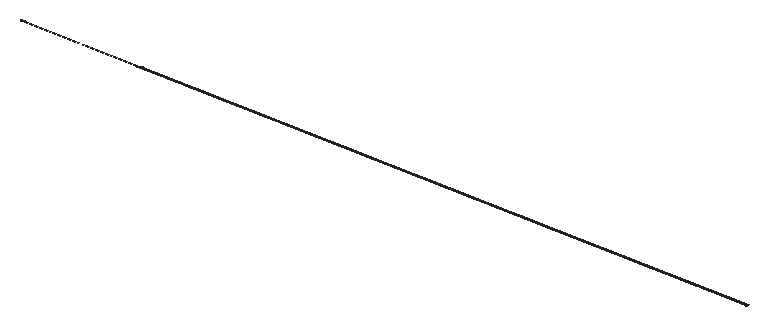
Revit family "0068176", category Lighting Fixtures, host Face, Revit 2017
Family settings
  Host = Face
  Round Connector Dimension = Use Diameter
  Part Type = Normal
  OmniClass Number = 23.80.70.00
  OmniClass Title = Lighting
  Cut with Voids When Loaded = No
  Light Source = Yes
  Shared = No
  Room Calculation Point = No
Parameters (values of type "0068176 FLEX PRO IP20 4750LM 930")
  Weight = "4.0 kg"
  Wattage Comments = ""
  Wattage = 48 W
  WarrantyStartDate [instance] = "n/a"
  WarrantyGuarantorParts = "n/a"
  WarrantyDurationUnit = "n/a"
  WarrantyDurationParts = "n/a"
  WarrantyDescription = "n/a"
  built-in parameter 1150110 = 1 (stored number, unit not read)
  Voltage = 0 V
  URL = "http://www.sylvania-lighting.com"
  TypeName = "Flex Pro IP20 4750lm 930"
  Type Image = <None>
  Type Comments = "n/a"
  built-in parameter 1114217 = 1 (stored number, unit not read)
  Tilt Angle = -90.00°
  built-in parameter 1150109 = 1 (stored number, unit not read)
  built-in parameter 1150134 = (empty or 0)
  built-in parameter 1150113 = 1 (stored number, unit not read)
  SerialNumber [instance] = "n/a"
  Photometric Web File = "0068176.ies"
  PHOTOMETRY3_SYL = 0 mm
  PHOTOMETRY2_SYL = LUM_WIDTH_SYL  # 5 mm
  PHOTOMETRY1_SYL = LUM_LENGHT_SYL / 2  # 2500 mm
  Material_3_SYL = none
  PowerFactor = 0
  PowerConsumption = "48 W"
  NominalLength = 5000 mm
  NominalHeight = 1.2 mm
  NominalDepth = 10 mm
  Name = "Flex Pro IP20 4750lm 930"
  ModelReference = Name  # "Flex Pro IP20 4750lm 930"
  ModelNumber = "0068176"
  Model = Name  # "Flex Pro IP20 4750lm 930"
  Material = "n/a"
  ManufacturerName = "Feilo Sylvania"
  Manufacturer = "Feilo Sylvania"
  LuminousEfficacy = "99 lm/W"
  built-in parameter 1150105 = 378.15 (stored number, unit not read)
  Lumens = 4752 lm
  LuminaireType = ""
  built-in parameter 1150115 = 1 (stored number, unit not read)
  LightOutputRatio = "n/a"
  built-in parameter 1150137 = (empty or 0)
  built-in parameter 1150139 = (empty or 0)
  LampsType = Lamp  # "LED"
  LampNominalLuminous = "4750 lm"
  LampMacAdamStep = "n/a"
  LampColourTemperature = "3000 K"
  LampColourRenderingIndex = "90"
  built-in parameter 1150112 = 1 (stored number, unit not read)
  built-in parameter 1150114 = 1 (stored number, unit not read)
  Lamp = "LED"
  LUM_WIDTH_SYL = 5 mm
  LUM_LENGHT_SYL!!!! = "MUST BE DIVISIBLE WITH 50"
  LUM_LENGHT_SYL = 5000 mm  # constant formula
  LED_CH_S_WIDTH_SYL = 1.5 mm
  LED_CH_S_DEPTH2_SYL = 1 mm
  LED_CH_S_DEPTH1_SYL = 1.1 mm
  LED_CH_L_WIDTH_SYL = 1.7 mm
  LED_CH_L_DIST_SYL = 8.3 mm
  LED_CH_L_DIST1_SYL = 6 mm
  LED_CH_L_DEPTH_SYL = 1.4 mm
  Keynote = "16500"
  InstallationDate [instance] = "n/a"
  InputVoltage = "n/a"
  InputNominalFrequency = "n/a"
  built-in parameter 1150132 = (empty or 0)
  built-in parameter 1150102 = (empty or 0)
  built-in parameter 1150107 = 3000 (stored number, unit not read)
  built-in parameter 1150138 = (empty or 0)
  IngressProtection = "IP20"
  ImpactProtectionIndex = "IK00"
  built-in parameter 1150106 = 3.7815 (stored number, unit not read)
  IfcExportType = "IfcLightFixtureType"
  IfcExportAs = "IfcLightFixtureType"
  Emit from Circle Diameter = 609.6 mm
  Emit Shape Visible in Rendering = no
  ElectricShockClassification = "Class III"
  built-in parameter 1150104 = 9.1974 (stored number, unit not read)
  DocumentationLiterature = "http://www.sylvania-lighting.com/product/en-int/products/0068176"
  DimmingControlOptions = "n/a"
  Material_2_SYL = Default New Material
  Dimming Lamp Color Temperature Shift = <None>
  Description = ""
  Default Elevation = 1219.2 mm
  CreatedOn = "10/16/2020"
  CreatedBy = "@sylvania-lighting.com"
  Cost = 0
  Color Filter = 16777215
  built-in parameter 1114216 [instance] = (empty or 0)
  ClassificationValue = "EF_70_80"
  ClassificationName = "Uniclass2015"
  Material_1_SYL = Default
  CABLE_LENGHT_SYL = 1000 mm
  CABLE_FIX_SYL = 1 mm
  CABLE_END_SYL = 15 mm
  CABLE_DIST_SYL = 1.5 mm
  CABLE_DIST2_SYL = 1.5 mm
  CABLE_BLEND_SYL = 20 mm
  BarCode [instance] = "n/a"
  built-in parameter 1114218 = 1 (stored number, unit not read)
  built-in parameter 1150133 = 10 (stored number, unit not read)
  AssetType = "Fixed"
  AssetIdentifier [instance] = "n/a"
  Assembly Code = "D5020200"
  Apparent Load = 48 VA
  Material_4_SYL = none
Reference planes
  plane 1 "Center (Front/Back)": y = 0
  plane 2: z = 0
  plane 3 "Center (Left/Right)": x = 0
  plane 4: x = 5000
  plane 5: y = 5
  plane 6: y = -5
  plane 7: x = 1
  plane 8: x = -1000
  plane 9: x = -20
  plane 10: x = -985
  plane 11: y = 1.5
  plane 12: y = -1.5
  plane 13: y = 3.5
  plane 14: y = -3.5
  plane 15: y = 1.7
  plane 16: y = -1.7
  plane 17: y = 1.5
  plane 18: y = -1.5
  plane 19: x = 6
  plane 20: x = 14.3
  plane 21: x = 22.6
  plane 22: x = 30.9
  plane 23: x = 39.2
  plane 24: x = 47.5
  plane 25: x = 7.4
  plane 26: x = 4.6
  plane 27: x = 15.7
  plane 28: x = 12.9
  plane 29: x = 24
  plane 30: x = 21.2
  plane 31: x = 32.3
  plane 32: x = 29.5
  plane 33: x = 37.8
  plane 34: x = 40.6
  plane 35: x = 46.1
  plane 36: x = 48.9
  plane 37: x = 10.1
  plane 38: x = 18.4
  plane 39: x = 26.7
  plane 40: x = 35
  plane 41: x = 43.3
  plane 42: x = 9.1
  plane 43: x = 11.2
  plane 44: x = 17.4
  plane 45: x = 19.5
  plane 46: x = 44.4
  plane 47: x = 42.3
  plane 48: x = 36.1
  plane 49: x = 34
Forms (mm)
  Extrusion 1, solid, material "Default" <- "Material_1_SYL"
    sketch origin (0, 0, 0) x (1, 0, 0) y (0, 1, 0)
      loop
        line (0, 5) -> (0, -5) -> (5000, -5) -> (5000, 5) -> (0, 5)
    from -0.9 to -1.2
  Sweep 2, solid, material "Default New Material" <- "Material_2_SYL"
    path origin (0, 0, 0) x (1, 0, 0) y (0, 1, 0)
      loop
        line (1, 3.5) -> (0, 3.5) -> (-20, 1.5) -> (-985, 1.5)
    profile origin (-10, 2.5, 0) x (0.099504, -0.995037, 0) y (0, 0, 1)
      loop
        circle (0, 0) r 1.399
  Sweep 3, solid, material "Default New Material" <- "Material_2_SYL"
    path origin (0, 0, 0) x (1, 0, 0) y (0, 1, 0)
      loop
        line (1, -3.5) -> (0, -3.5) -> (-20, -1.5) -> (-985, -1.5)
    profile origin (-10, -2.5, 0) x (-0.099504, -0.995037, 0) y (0, 0, 1)
      loop
        circle (0, 0) r 1.353
  Revolve 4, solid
    sketch origin (0, 0, 0) x (1, 0, 0) y (0, 1, 0)
      loop
        line (-985, 1.5) -> (-985, 2.444) -> (-1000, 2.444) -> (-1000, 1.5) -> (-985, 1.5)
      axis (-985, 1.5) -> (-1000, 1.5)
    angle from 360 to 0
  Revolve 5, solid
    sketch origin (0, 0, 0) x (1, 0, 0) y (0, 1, 0)
      loop
        line (-985, -1.5) -> (-1000, -1.5) -> (-1000, -2.423) -> (-985, -2.423) -> (-985, -1.5)
      axis (-985, -1.5) -> (-1000, -1.5)
    angle from 360 to 0
  Extrusion 6, solid
    sketch origin (0, 0, 0) x (1, 0, 0) y (0, 1, 0)
      loop
        line (7.4, -1.7) -> (7.4, 1.7) -> (4.6, 1.7) -> (4.6, -1.7) -> (7.4, -1.7)
      loop
        line (15.7, -1.7) -> (15.7, 1.7) -> (12.9, 1.7) -> (12.9, -1.7) -> (15.7, -1.7)
      loop
        line (21.2, 1.7) -> (21.2, -1.7) -> (24, -1.7) -> (24, 1.7) -> (21.2, 1.7)
      loop
        line (32.3, -1.7) -> (32.3, 1.7) -> (29.5, 1.7) -> (29.5, -1.7) -> (32.3, -1.7)
      loop
        line (40.6, -1.7) -> (40.6, 1.7) -> (37.8, 1.7) -> (37.8, -1.7) -> (40.6, -1.7)
      loop
        line (48.9, -1.7) -> (48.9, 1.7) -> (46.1, 1.7) -> (46.1, -1.7) -> (48.9, -1.7)
    from -1.2 to 0
  Extrusion 7, solid
    sketch origin (0, 0, 0) x (1, 0, 0) y (0, 1, 0)
      loop
        line (9.1, 1.5) -> (9.1, -1.5) -> (11.2, -1.5) -> (11.2, 1.5) -> (9.1, 1.5)
      loop
        line (17.4, 1.5) -> (17.4, -1.5) -> (19.5, -1.5) -> (19.5, 1.5) -> (17.4, 1.5)
      loop
        line (34, 1.5) -> (34, -1.5) -> (36.1, -1.5) -> (36.1, 1.5) -> (34, 1.5)
      loop
        line (42.3, 1.5) -> (42.3, -1.5) -> (44.4, -1.5) -> (44.4, 1.5) -> (42.3, 1.5)
    from -1.2 to -0.5
  Extrusion 8, solid
    sketch origin (4946.4, 0, 0) x (1, 0, 0) y (0, 1, 0)
      loop
        line (7.4, -1.7) -> (7.4, 1.7) -> (4.6, 1.7) -> (4.6, -1.7) -> (7.4, -1.7)
      loop
        line (15.7, -1.7) -> (15.7, 1.7) -> (12.9, 1.7) -> (12.9, -1.7) -> (15.7, -1.7)
      loop
        line (21.2, 1.7) -> (21.2, -1.7) -> (24, -1.7) -> (24, 1.7) -> (21.2, 1.7)
      loop
        line (32.3, -1.7) -> (32.3, 1.7) -> (29.5, 1.7) -> (29.5, -1.7) -> (32.3, -1.7)
      loop
        line (40.6, -1.7) -> (40.6, 1.7) -> (37.8, 1.7) -> (37.8, -1.7) -> (40.6, -1.7)
      loop
        line (48.9, -1.7) -> (48.9, 1.7) -> (46.1, 1.7) -> (46.1, -1.7) -> (48.9, -1.7)
    from -1.2 to 0
  Extrusion 9, solid
    sketch origin (49.964, 0, 0) x (1, 0, 0) y (0, 1, 0)
      loop
        line (7.4, -1.7) -> (7.4, 1.7) -> (4.6, 1.7) -> (4.6, -1.7) -> (7.4, -1.7)
      loop
        line (15.7, -1.7) -> (15.7, 1.7) -> (12.9, 1.7) -> (12.9, -1.7) -> (15.7, -1.7)
      loop
        line (21.2, 1.7) -> (21.2, -1.7) -> (24, -1.7) -> (24, 1.7) -> (21.2, 1.7)
      loop
        line (32.3, -1.7) -> (32.3, 1.7) -> (29.5, 1.7) -> (29.5, -1.7) -> (32.3, -1.7)
      loop
        line (40.6, -1.7) -> (40.6, 1.7) -> (37.8, 1.7) -> (37.8, -1.7) -> (40.6, -1.7)
      loop
        line (48.9, -1.7) -> (48.9, 1.7) -> (46.1, 1.7) -> (46.1, -1.7) -> (48.9, -1.7)
    from -1.2 to 0
  Extrusion 10, solid
    sketch origin (99.927, 0, 0) x (1, 0, 0) y (0, 1, 0)
      loop
        line (7.4, -1.7) -> (7.4, 1.7) -> (4.6, 1.7) -> (4.6, -1.7) -> (7.4, -1.7)
      loop
        line (15.7, -1.7) -> (15.7, 1.7) -> (12.9, 1.7) -> (12.9, -1.7) -> (15.7, -1.7)
      loop
        line (21.2, 1.7) -> (21.2, -1.7) -> (24, -1.7) -> (24, 1.7) -> (21.2, 1.7)
      loop
        line (32.3, -1.7) -> (32.3, 1.7) -> (29.5, 1.7) -> (29.5, -1.7) -> (32.3, -1.7)
      loop
        line (40.6, -1.7) -> (40.6, 1.7) -> (37.8, 1.7) -> (37.8, -1.7) -> (40.6, -1.7)
      loop
        line (48.9, -1.7) -> (48.9, 1.7) -> (46.1, 1.7) -> (46.1, -1.7) -> (48.9, -1.7)
    from -1.2 to 0
  Extrusion 11, solid
    sketch origin (149.891, 0, 0) x (1, 0, 0) y (0, 1, 0)
      loop
        line (7.4, -1.7) -> (7.4, 1.7) -> (4.6, 1.7) -> (4.6, -1.7) -> (7.4, -1.7)
      loop
        line (15.7, -1.7) -> (15.7, 1.7) -> (12.9, 1.7) -> (12.9, -1.7) -> (15.7, -1.7)
      loop
        line (21.2, 1.7) -> (21.2, -1.7) -> (24, -1.7) -> (24, 1.7) -> (21.2, 1.7)
      loop
        line (32.3, -1.7) -> (32.3, 1.7) -> (29.5, 1.7) -> (29.5, -1.7) -> (32.3, -1.7)
      loop
        line (40.6, -1.7) -> (40.6, 1.7) -> (37.8, 1.7) -> (37.8, -1.7) -> (40.6, -1.7)
      loop
        line (48.9, -1.7) -> (48.9, 1.7) -> (46.1, 1.7) -> (46.1, -1.7) -> (48.9, -1.7)
    from -1.2 to 0
  Extrusion 12, solid
    sketch origin (199.855, 0, 0) x (1, 0, 0) y (0, 1, 0)
      loop
        line (7.4, -1.7) -> (7.4, 1.7) -> (4.6, 1.7) -> (4.6, -1.7) -> (7.4, -1.7)
      loop
        line (15.7, -1.7) -> (15.7, 1.7) -> (12.9, 1.7) -> (12.9, -1.7) -> (15.7, -1.7)
      loop
        line (21.2, 1.7) -> (21.2, -1.7) -> (24, -1.7) -> (24, 1.7) -> (21.2, 1.7)
      loop
        line (32.3, -1.7) -> (32.3, 1.7) -> (29.5, 1.7) -> (29.5, -1.7) -> (32.3, -1.7)
      loop
        line (40.6, -1.7) -> (40.6, 1.7) -> (37.8, 1.7) -> (37.8, -1.7) -> (40.6, -1.7)
      loop
        line (48.9, -1.7) -> (48.9, 1.7) -> (46.1, 1.7) -> (46.1, -1.7) -> (48.9, -1.7)
    from -1.2 to 0
  Extrusion 13, solid
    sketch origin (249.818, 0, 0) x (1, 0, 0) y (0, 1, 0)
      loop
        line (7.4, -1.7) -> (7.4, 1.7) -> (4.6, 1.7) -> (4.6, -1.7) -> (7.4, -1.7)
      loop
        line (15.7, -1.7) -> (15.7, 1.7) -> (12.9, 1.7) -> (12.9, -1.7) -> (15.7, -1.7)
      loop
        line (21.2, 1.7) -> (21.2, -1.7) -> (24, -1.7) -> (24, 1.7) -> (21.2, 1.7)
      loop
        line (32.3, -1.7) -> (32.3, 1.7) -> (29.5, 1.7) -> (29.5, -1.7) -> (32.3, -1.7)
      loop
        line (40.6, -1.7) -> (40.6, 1.7) -> (37.8, 1.7) -> (37.8, -1.7) -> (40.6, -1.7)
      loop
        line (48.9, -1.7) -> (48.9, 1.7) -> (46.1, 1.7) -> (46.1, -1.7) -> (48.9, -1.7)
    from -1.2 to 0
  Extrusion 14, solid
    sketch origin (299.782, 0, 0) x (1, 0, 0) y (0, 1, 0)
      loop
        line (7.4, -1.7) -> (7.4, 1.7) -> (4.6, 1.7) -> (4.6, -1.7) -> (7.4, -1.7)
      loop
        line (15.7, -1.7) -> (15.7, 1.7) -> (12.9, 1.7) -> (12.9, -1.7) -> (15.7, -1.7)
      loop
        line (21.2, 1.7) -> (21.2, -1.7) -> (24, -1.7) -> (24, 1.7) -> (21.2, 1.7)
      loop
        line (32.3, -1.7) -> (32.3, 1.7) -> (29.5, 1.7) -> (29.5, -1.7) -> (32.3, -1.7)
      loop
        line (40.6, -1.7) -> (40.6, 1.7) -> (37.8, 1.7) -> (37.8, -1.7) -> (40.6, -1.7)
      loop
        line (48.9, -1.7) -> (48.9, 1.7) -> (46.1, 1.7) -> (46.1, -1.7) -> (48.9, -1.7)
    from -1.2 to 0
  Extrusion 15, solid
    sketch origin (349.745, 0, 0) x (1, 0, 0) y (0, 1, 0)
      loop
        line (7.4, -1.7) -> (7.4, 1.7) -> (4.6, 1.7) -> (4.6, -1.7) -> (7.4, -1.7)
      loop
        line (15.7, -1.7) -> (15.7, 1.7) -> (12.9, 1.7) -> (12.9, -1.7) -> (15.7, -1.7)
      loop
        line (21.2, 1.7) -> (21.2, -1.7) -> (24, -1.7) -> (24, 1.7) -> (21.2, 1.7)
      loop
        line (32.3, -1.7) -> (32.3, 1.7) -> (29.5, 1.7) -> (29.5, -1.7) -> (32.3, -1.7)
      loop
        line (40.6, -1.7) -> (40.6, 1.7) -> (37.8, 1.7) -> (37.8, -1.7) -> (40.6, -1.7)
      loop
        line (48.9, -1.7) -> (48.9, 1.7) -> (46.1, 1.7) -> (46.1, -1.7) -> (48.9, -1.7)
    from -1.2 to 0
  Extrusion 16, solid
    sketch origin (399.709, 0, 0) x (1, 0, 0) y (0, 1, 0)
      loop
        line (7.4, -1.7) -> (7.4, 1.7) -> (4.6, 1.7) -> (4.6, -1.7) -> (7.4, -1.7)
      loop
        line (15.7, -1.7) -> (15.7, 1.7) -> (12.9, 1.7) -> (12.9, -1.7) -> (15.7, -1.7)
      loop
        line (21.2, 1.7) -> (21.2, -1.7) -> (24, -1.7) -> (24, 1.7) -> (21.2, 1.7)
      loop
        line (32.3, -1.7) -> (32.3, 1.7) -> (29.5, 1.7) -> (29.5, -1.7) -> (32.3, -1.7)
      loop
        line (40.6, -1.7) -> (40.6, 1.7) -> (37.8, 1.7) -> (37.8, -1.7) -> (40.6, -1.7)
      loop
        line (48.9, -1.7) -> (48.9, 1.7) -> (46.1, 1.7) -> (46.1, -1.7) -> (48.9, -1.7)
    from -1.2 to 0
  Extrusion 17, solid
    sketch origin (449.673, 0, 0) x (1, 0, 0) y (0, 1, 0)
      loop
        line (7.4, -1.7) -> (7.4, 1.7) -> (4.6, 1.7) -> (4.6, -1.7) -> (7.4, -1.7)
      loop
        line (15.7, -1.7) -> (15.7, 1.7) -> (12.9, 1.7) -> (12.9, -1.7) -> (15.7, -1.7)
      loop
        line (21.2, 1.7) -> (21.2, -1.7) -> (24, -1.7) -> (24, 1.7) -> (21.2, 1.7)
      loop
        line (32.3, -1.7) -> (32.3, 1.7) -> (29.5, 1.7) -> (29.5, -1.7) -> (32.3, -1.7)
      loop
        line (40.6, -1.7) -> (40.6, 1.7) -> (37.8, 1.7) -> (37.8, -1.7) -> (40.6, -1.7)
      loop
        line (48.9, -1.7) -> (48.9, 1.7) -> (46.1, 1.7) -> (46.1, -1.7) -> (48.9, -1.7)
    from -1.2 to 0
  Extrusion 18, solid
    sketch origin (499.636, 0, 0) x (1, 0, 0) y (0, 1, 0)
      loop
        line (7.4, -1.7) -> (7.4, 1.7) -> (4.6, 1.7) -> (4.6, -1.7) -> (7.4, -1.7)
      loop
        line (15.7, -1.7) -> (15.7, 1.7) -> (12.9, 1.7) -> (12.9, -1.7) -> (15.7, -1.7)
      loop
        line (21.2, 1.7) -> (21.2, -1.7) -> (24, -1.7) -> (24, 1.7) -> (21.2, 1.7)
      loop
        line (32.3, -1.7) -> (32.3, 1.7) -> (29.5, 1.7) -> (29.5, -1.7) -> (32.3, -1.7)
      loop
        line (40.6, -1.7) -> (40.6, 1.7) -> (37.8, 1.7) -> (37.8, -1.7) -> (40.6, -1.7)
      loop
        line (48.9, -1.7) -> (48.9, 1.7) -> (46.1, 1.7) -> (46.1, -1.7) -> (48.9, -1.7)
    from -1.2 to 0
  Extrusion 19, solid
    sketch origin (549.6, 0, 0) x (1, 0, 0) y (0, 1, 0)
      loop
        line (7.4, -1.7) -> (7.4, 1.7) -> (4.6, 1.7) -> (4.6, -1.7) -> (7.4, -1.7)
      loop
        line (15.7, -1.7) -> (15.7, 1.7) -> (12.9, 1.7) -> (12.9, -1.7) -> (15.7, -1.7)
      loop
        line (21.2, 1.7) -> (21.2, -1.7) -> (24, -1.7) -> (24, 1.7) -> (21.2, 1.7)
      loop
        line (32.3, -1.7) -> (32.3, 1.7) -> (29.5, 1.7) -> (29.5, -1.7) -> (32.3, -1.7)
      loop
        line (40.6, -1.7) -> (40.6, 1.7) -> (37.8, 1.7) -> (37.8, -1.7) -> (40.6, -1.7)
      loop
        line (48.9, -1.7) -> (48.9, 1.7) -> (46.1, 1.7) -> (46.1, -1.7) -> (48.9, -1.7)
    from -1.2 to 0
  Extrusion 20, solid
    sketch origin (599.564, 0, 0) x (1, 0, 0) y (0, 1, 0)
      loop
        line (7.4, -1.7) -> (7.4, 1.7) -> (4.6, 1.7) -> (4.6, -1.7) -> (7.4, -1.7)
      loop
        line (15.7, -1.7) -> (15.7, 1.7) -> (12.9, 1.7) -> (12.9, -1.7) -> (15.7, -1.7)
      loop
        line (21.2, 1.7) -> (21.2, -1.7) -> (24, -1.7) -> (24, 1.7) -> (21.2, 1.7)
      loop
        line (32.3, -1.7) -> (32.3, 1.7) -> (29.5, 1.7) -> (29.5, -1.7) -> (32.3, -1.7)
      loop
        line (40.6, -1.7) -> (40.6, 1.7) -> (37.8, 1.7) -> (37.8, -1.7) -> (40.6, -1.7)
      loop
        line (48.9, -1.7) -> (48.9, 1.7) -> (46.1, 1.7) -> (46.1, -1.7) -> (48.9, -1.7)
    from -1.2 to 0
  Extrusion 21, solid
    sketch origin (649.527, 0, 0) x (1, 0, 0) y (0, 1, 0)
      loop
        line (7.4, -1.7) -> (7.4, 1.7) -> (4.6, 1.7) -> (4.6, -1.7) -> (7.4, -1.7)
      loop
        line (15.7, -1.7) -> (15.7, 1.7) -> (12.9, 1.7) -> (12.9, -1.7) -> (15.7, -1.7)
      loop
        line (21.2, 1.7) -> (21.2, -1.7) -> (24, -1.7) -> (24, 1.7) -> (21.2, 1.7)
      loop
        line (32.3, -1.7) -> (32.3, 1.7) -> (29.5, 1.7) -> (29.5, -1.7) -> (32.3, -1.7)
      loop
        line (40.6, -1.7) -> (40.6, 1.7) -> (37.8, 1.7) -> (37.8, -1.7) -> (40.6, -1.7)
      loop
        line (48.9, -1.7) -> (48.9, 1.7) -> (46.1, 1.7) -> (46.1, -1.7) -> (48.9, -1.7)
    from -1.2 to 0
  Extrusion 22, solid
    sketch origin (699.491, 0, 0) x (1, 0, 0) y (0, 1, 0)
      loop
        line (7.4, -1.7) -> (7.4, 1.7) -> (4.6, 1.7) -> (4.6, -1.7) -> (7.4, -1.7)
      loop
        line (15.7, -1.7) -> (15.7, 1.7) -> (12.9, 1.7) -> (12.9, -1.7) -> (15.7, -1.7)
      loop
        line (21.2, 1.7) -> (21.2, -1.7) -> (24, -1.7) -> (24, 1.7) -> (21.2, 1.7)
      loop
        line (32.3, -1.7) -> (32.3, 1.7) -> (29.5, 1.7) -> (29.5, -1.7) -> (32.3, -1.7)
      loop
        line (40.6, -1.7) -> (40.6, 1.7) -> (37.8, 1.7) -> (37.8, -1.7) -> (40.6, -1.7)
      loop
        line (48.9, -1.7) -> (48.9, 1.7) -> (46.1, 1.7) -> (46.1, -1.7) -> (48.9, -1.7)
    from -1.2 to 0
  Extrusion 23, solid
    sketch origin (749.455, 0, 0) x (1, 0, 0) y (0, 1, 0)
      loop
        line (7.4, -1.7) -> (7.4, 1.7) -> (4.6, 1.7) -> (4.6, -1.7) -> (7.4, -1.7)
      loop
        line (15.7, -1.7) -> (15.7, 1.7) -> (12.9, 1.7) -> (12.9, -1.7) -> (15.7, -1.7)
      loop
        line (21.2, 1.7) -> (21.2, -1.7) -> (24, -1.7) -> (24, 1.7) -> (21.2, 1.7)
      loop
        line (32.3, -1.7) -> (32.3, 1.7) -> (29.5, 1.7) -> (29.5, -1.7) -> (32.3, -1.7)
      loop
        line (40.6, -1.7) -> (40.6, 1.7) -> (37.8, 1.7) -> (37.8, -1.7) -> (40.6, -1.7)
      loop
        line (48.9, -1.7) -> (48.9, 1.7) -> (46.1, 1.7) -> (46.1, -1.7) -> (48.9, -1.7)
    from -1.2 to 0
  Extrusion 24, solid
    sketch origin (799.418, 0, 0) x (1, 0, 0) y (0, 1, 0)
      loop
        line (7.4, -1.7) -> (7.4, 1.7) -> (4.6, 1.7) -> (4.6, -1.7) -> (7.4, -1.7)
      loop
        line (15.7, -1.7) -> (15.7, 1.7) -> (12.9, 1.7) -> (12.9, -1.7) -> (15.7, -1.7)
      loop
        line (21.2, 1.7) -> (21.2, -1.7) -> (24, -1.7) -> (24, 1.7) -> (21.2, 1.7)
      loop
        line (32.3, -1.7) -> (32.3, 1.7) -> (29.5, 1.7) -> (29.5, -1.7) -> (32.3, -1.7)
      loop
        line (40.6, -1.7) -> (40.6, 1.7) -> (37.8, 1.7) -> (37.8, -1.7) -> (40.6, -1.7)
      loop
        line (48.9, -1.7) -> (48.9, 1.7) -> (46.1, 1.7) -> (46.1, -1.7) -> (48.9, -1.7)
    from -1.2 to 0
  Extrusion 25, solid
    sketch origin (849.382, 0, 0) x (1, 0, 0) y (0, 1, 0)
      loop
        line (7.4, -1.7) -> (7.4, 1.7) -> (4.6, 1.7) -> (4.6, -1.7) -> (7.4, -1.7)
      loop
        line (15.7, -1.7) -> (15.7, 1.7) -> (12.9, 1.7) -> (12.9, -1.7) -> (15.7, -1.7)
      loop
        line (21.2, 1.7) -> (21.2, -1.7) -> (24, -1.7) -> (24, 1.7) -> (21.2, 1.7)
      loop
        line (32.3, -1.7) -> (32.3, 1.7) -> (29.5, 1.7) -> (29.5, -1.7) -> (32.3, -1.7)
      loop
        line (40.6, -1.7) -> (40.6, 1.7) -> (37.8, 1.7) -> (37.8, -1.7) -> (40.6, -1.7)
      loop
        line (48.9, -1.7) -> (48.9, 1.7) -> (46.1, 1.7) -> (46.1, -1.7) -> (48.9, -1.7)
    from -1.2 to 0
  Extrusion 26, solid
    sketch origin (899.345, 0, 0) x (1, 0, 0) y (0, 1, 0)
      loop
        line (7.4, -1.7) -> (7.4, 1.7) -> (4.6, 1.7) -> (4.6, -1.7) -> (7.4, -1.7)
      loop
        line (15.7, -1.7) -> (15.7, 1.7) -> (12.9, 1.7) -> (12.9, -1.7) -> (15.7, -1.7)
      loop
        line (21.2, 1.7) -> (21.2, -1.7) -> (24, -1.7) -> (24, 1.7) -> (21.2, 1.7)
      loop
        line (32.3, -1.7) -> (32.3, 1.7) -> (29.5, 1.7) -> (29.5, -1.7) -> (32.3, -1.7)
      loop
        line (40.6, -1.7) -> (40.6, 1.7) -> (37.8, 1.7) -> (37.8, -1.7) -> (40.6, -1.7)
      loop
        line (48.9, -1.7) -> (48.9, 1.7) -> (46.1, 1.7) -> (46.1, -1.7) -> (48.9, -1.7)
    from -1.2 to 0
  Extrusion 27, solid
    sketch origin (949.309, 0, 0) x (1, 0, 0) y (0, 1, 0)
      loop
        line (7.4, -1.7) -> (7.4, 1.7) -> (4.6, 1.7) -> (4.6, -1.7) -> (7.4, -1.7)
      loop
        line (15.7, -1.7) -> (15.7, 1.7) -> (12.9, 1.7) -> (12.9, -1.7) -> (15.7, -1.7)
      loop
        line (21.2, 1.7) -> (21.2, -1.7) -> (24, -1.7) -> (24, 1.7) -> (21.2, 1.7)
      loop
        line (32.3, -1.7) -> (32.3, 1.7) -> (29.5, 1.7) -> (29.5, -1.7) -> (32.3, -1.7)
      loop
        line (40.6, -1.7) -> (40.6, 1.7) -> (37.8, 1.7) -> (37.8, -1.7) -> (40.6, -1.7)
      loop
        line (48.9, -1.7) -> (48.9, 1.7) -> (46.1, 1.7) -> (46.1, -1.7) -> (48.9, -1.7)
    from -1.2 to 0
  Extrusion 28, solid
    sketch origin (999.273, 0, 0) x (1, 0, 0) y (0, 1, 0)
      loop
        line (7.4, -1.7) -> (7.4, 1.7) -> (4.6, 1.7) -> (4.6, -1.7) -> (7.4, -1.7)
      loop
        line (15.7, -1.7) -> (15.7, 1.7) -> (12.9, 1.7) -> (12.9, -1.7) -> (15.7, -1.7)
      loop
        line (21.2, 1.7) -> (21.2, -1.7) -> (24, -1.7) -> (24, 1.7) -> (21.2, 1.7)
      loop
        line (32.3, -1.7) -> (32.3, 1.7) -> (29.5, 1.7) -> (29.5, -1.7) -> (32.3, -1.7)
      loop
        line (40.6, -1.7) -> (40.6, 1.7) -> (37.8, 1.7) -> (37.8, -1.7) -> (40.6, -1.7)
      loop
        line (48.9, -1.7) -> (48.9, 1.7) -> (46.1, 1.7) -> (46.1, -1.7) -> (48.9, -1.7)
    from -1.2 to 0
  Extrusion 29, solid
    sketch origin (1049.236, 0, 0) x (1, 0, 0) y (0, 1, 0)
      loop
        line (7.4, -1.7) -> (7.4, 1.7) -> (4.6, 1.7) -> (4.6, -1.7) -> (7.4, -1.7)
      loop
        line (15.7, -1.7) -> (15.7, 1.7) -> (12.9, 1.7) -> (12.9, -1.7) -> (15.7, -1.7)
      loop
        line (21.2, 1.7) -> (21.2, -1.7) -> (24, -1.7) -> (24, 1.7) -> (21.2, 1.7)
      loop
        line (32.3, -1.7) -> (32.3, 1.7) -> (29.5, 1.7) -> (29.5, -1.7) -> (32.3, -1.7)
      loop
        line (40.6, -1.7) -> (40.6, 1.7) -> (37.8, 1.7) -> (37.8, -1.7) -> (40.6, -1.7)
      loop
        line (48.9, -1.7) -> (48.9, 1.7) -> (46.1, 1.7) -> (46.1, -1.7) -> (48.9, -1.7)
    from -1.2 to 0
  Extrusion 30, solid
    sketch origin (1099.2, 0, 0) x (1, 0, 0) y (0, 1, 0)
      loop
        line (7.4, -1.7) -> (7.4, 1.7) -> (4.6, 1.7) -> (4.6, -1.7) -> (7.4, -1.7)
      loop
        line (15.7, -1.7) -> (15.7, 1.7) -> (12.9, 1.7) -> (12.9, -1.7) -> (15.7, -1.7)
      loop
        line (21.2, 1.7) -> (21.2, -1.7) -> (24, -1.7) -> (24, 1.7) -> (21.2, 1.7)
      loop
        line (32.3, -1.7) -> (32.3, 1.7) -> (29.5, 1.7) -> (29.5, -1.7) -> (32.3, -1.7)
      loop
        line (40.6, -1.7) -> (40.6, 1.7) -> (37.8, 1.7) -> (37.8, -1.7) -> (40.6, -1.7)
      loop
        line (48.9, -1.7) -> (48.9, 1.7) -> (46.1, 1.7) -> (46.1, -1.7) -> (48.9, -1.7)
    from -1.2 to 0
  Extrusion 31, solid
    sketch origin (1149.164, 0, 0) x (1, 0, 0) y (0, 1, 0)
      loop
        line (7.4, -1.7) -> (7.4, 1.7) -> (4.6, 1.7) -> (4.6, -1.7) -> (7.4, -1.7)
      loop
        line (15.7, -1.7) -> (15.7, 1.7) -> (12.9, 1.7) -> (12.9, -1.7) -> (15.7, -1.7)
      loop
        line (21.2, 1.7) -> (21.2, -1.7) -> (24, -1.7) -> (24, 1.7) -> (21.2, 1.7)
      loop
        line (32.3, -1.7) -> (32.3, 1.7) -> (29.5, 1.7) -> (29.5, -1.7) -> (32.3, -1.7)
      loop
        line (40.6, -1.7) -> (40.6, 1.7) -> (37.8, 1.7) -> (37.8, -1.7) -> (40.6, -1.7)
      loop
        line (48.9, -1.7) -> (48.9, 1.7) -> (46.1, 1.7) -> (46.1, -1.7) -> (48.9, -1.7)
    from -1.2 to 0
  Extrusion 32, solid
    sketch origin (1199.127, 0, 0) x (1, 0, 0) y (0, 1, 0)
      loop
        line (7.4, -1.7) -> (7.4, 1.7) -> (4.6, 1.7) -> (4.6, -1.7) -> (7.4, -1.7)
      loop
        line (15.7, -1.7) -> (15.7, 1.7) -> (12.9, 1.7) -> (12.9, -1.7) -> (15.7, -1.7)
      loop
        line (21.2, 1.7) -> (21.2, -1.7) -> (24, -1.7) -> (24, 1.7) -> (21.2, 1.7)
      loop
        line (32.3, -1.7) -> (32.3, 1.7) -> (29.5, 1.7) -> (29.5, -1.7) -> (32.3, -1.7)
      loop
        line (40.6, -1.7) -> (40.6, 1.7) -> (37.8, 1.7) -> (37.8, -1.7) -> (40.6, -1.7)
      loop
        line (48.9, -1.7) -> (48.9, 1.7) -> (46.1, 1.7) -> (46.1, -1.7) -> (48.9, -1.7)
    from -1.2 to 0
  Extrusion 33, solid
    sketch origin (1249.091, 0, 0) x (1, 0, 0) y (0, 1, 0)
      loop
        line (7.4, -1.7) -> (7.4, 1.7) -> (4.6, 1.7) -> (4.6, -1.7) -> (7.4, -1.7)
      loop
        line (15.7, -1.7) -> (15.7, 1.7) -> (12.9, 1.7) -> (12.9, -1.7) -> (15.7, -1.7)
      loop
        line (21.2, 1.7) -> (21.2, -1.7) -> (24, -1.7) -> (24, 1.7) -> (21.2, 1.7)
      loop
        line (32.3, -1.7) -> (32.3, 1.7) -> (29.5, 1.7) -> (29.5, -1.7) -> (32.3, -1.7)
      loop
        line (40.6, -1.7) -> (40.6, 1.7) -> (37.8, 1.7) -> (37.8, -1.7) -> (40.6, -1.7)
      loop
        line (48.9, -1.7) -> (48.9, 1.7) -> (46.1, 1.7) -> (46.1, -1.7) -> (48.9, -1.7)
    from -1.2 to 0
  Extrusion 34, solid
    sketch origin (1299.055, 0, 0) x (1, 0, 0) y (0, 1, 0)
      loop
        line (7.4, -1.7) -> (7.4, 1.7) -> (4.6, 1.7) -> (4.6, -1.7) -> (7.4, -1.7)
      loop
        line (15.7, -1.7) -> (15.7, 1.7) -> (12.9, 1.7) -> (12.9, -1.7) -> (15.7, -1.7)
      loop
        line (21.2, 1.7) -> (21.2, -1.7) -> (24, -1.7) -> (24, 1.7) -> (21.2, 1.7)
      loop
        line (32.3, -1.7) -> (32.3, 1.7) -> (29.5, 1.7) -> (29.5, -1.7) -> (32.3, -1.7)
      loop
        line (40.6, -1.7) -> (40.6, 1.7) -> (37.8, 1.7) -> (37.8, -1.7) -> (40.6, -1.7)
      loop
        line (48.9, -1.7) -> (48.9, 1.7) -> (46.1, 1.7) -> (46.1, -1.7) -> (48.9, -1.7)
    from -1.2 to 0
  Extrusion 35, solid
    sketch origin (1349.018, 0, 0) x (1, 0, 0) y (0, 1, 0)
      loop
        line (7.4, -1.7) -> (7.4, 1.7) -> (4.6, 1.7) -> (4.6, -1.7) -> (7.4, -1.7)
      loop
        line (15.7, -1.7) -> (15.7, 1.7) -> (12.9, 1.7) -> (12.9, -1.7) -> (15.7, -1.7)
      loop
        line (21.2, 1.7) -> (21.2, -1.7) -> (24, -1.7) -> (24, 1.7) -> (21.2, 1.7)
      loop
        line (32.3, -1.7) -> (32.3, 1.7) -> (29.5, 1.7) -> (29.5, -1.7) -> (32.3, -1.7)
      loop
        line (40.6, -1.7) -> (40.6, 1.7) -> (37.8, 1.7) -> (37.8, -1.7) -> (40.6, -1.7)
      loop
        line (48.9, -1.7) -> (48.9, 1.7) -> (46.1, 1.7) -> (46.1, -1.7) -> (48.9, -1.7)
    from -1.2 to 0
  Extrusion 36, solid
    sketch origin (1398.982, 0, 0) x (1, 0, 0) y (0, 1, 0)
      loop
        line (7.4, -1.7) -> (7.4, 1.7) -> (4.6, 1.7) -> (4.6, -1.7) -> (7.4, -1.7)
      loop
        line (15.7, -1.7) -> (15.7, 1.7) -> (12.9, 1.7) -> (12.9, -1.7) -> (15.7, -1.7)
      loop
        line (21.2, 1.7) -> (21.2, -1.7) -> (24, -1.7) -> (24, 1.7) -> (21.2, 1.7)
      loop
        line (32.3, -1.7) -> (32.3, 1.7) -> (29.5, 1.7) -> (29.5, -1.7) -> (32.3, -1.7)
      loop
        line (40.6, -1.7) -> (40.6, 1.7) -> (37.8, 1.7) -> (37.8, -1.7) -> (40.6, -1.7)
      loop
        line (48.9, -1.7) -> (48.9, 1.7) -> (46.1, 1.7) -> (46.1, -1.7) -> (48.9, -1.7)
    from -1.2 to 0
  Extrusion 37, solid
    sketch origin (1448.945, 0, 0) x (1, 0, 0) y (0, 1, 0)
      loop
        line (7.4, -1.7) -> (7.4, 1.7) -> (4.6, 1.7) -> (4.6, -1.7) -> (7.4, -1.7)
      loop
        line (15.7, -1.7) -> (15.7, 1.7) -> (12.9, 1.7) -> (12.9, -1.7) -> (15.7, -1.7)
      loop
        line (21.2, 1.7) -> (21.2, -1.7) -> (24, -1.7) -> (24, 1.7) -> (21.2, 1.7)
      loop
        line (32.3, -1.7) -> (32.3, 1.7) -> (29.5, 1.7) -> (29.5, -1.7) -> (32.3, -1.7)
      loop
        line (40.6, -1.7) -> (40.6, 1.7) -> (37.8, 1.7) -> (37.8, -1.7) -> (40.6, -1.7)
      loop
        line (48.9, -1.7) -> (48.9, 1.7) -> (46.1, 1.7) -> (46.1, -1.7) -> (48.9, -1.7)
    from -1.2 to 0
  Extrusion 38, solid
    sketch origin (1498.909, 0, 0) x (1, 0, 0) y (0, 1, 0)
      loop
        line (7.4, -1.7) -> (7.4, 1.7) -> (4.6, 1.7) -> (4.6, -1.7) -> (7.4, -1.7)
      loop
        line (15.7, -1.7) -> (15.7, 1.7) -> (12.9, 1.7) -> (12.9, -1.7) -> (15.7, -1.7)
      loop
        line (21.2, 1.7) -> (21.2, -1.7) -> (24, -1.7) -> (24, 1.7) -> (21.2, 1.7)
      loop
        line (32.3, -1.7) -> (32.3, 1.7) -> (29.5, 1.7) -> (29.5, -1.7) -> (32.3, -1.7)
      loop
        line (40.6, -1.7) -> (40.6, 1.7) -> (37.8, 1.7) -> (37.8, -1.7) -> (40.6, -1.7)
      loop
        line (48.9, -1.7) -> (48.9, 1.7) -> (46.1, 1.7) -> (46.1, -1.7) -> (48.9, -1.7)
    from -1.2 to 0
  Extrusion 39, solid
    sketch origin (1548.873, 0, 0) x (1, 0, 0) y (0, 1, 0)
      loop
        line (7.4, -1.7) -> (7.4, 1.7) -> (4.6, 1.7) -> (4.6, -1.7) -> (7.4, -1.7)
      loop
        line (15.7, -1.7) -> (15.7, 1.7) -> (12.9, 1.7) -> (12.9, -1.7) -> (15.7, -1.7)
      loop
        line (21.2, 1.7) -> (21.2, -1.7) -> (24, -1.7) -> (24, 1.7) -> (21.2, 1.7)
      loop
        line (32.3, -1.7) -> (32.3, 1.7) -> (29.5, 1.7) -> (29.5, -1.7) -> (32.3, -1.7)
      loop
        line (40.6, -1.7) -> (40.6, 1.7) -> (37.8, 1.7) -> (37.8, -1.7) -> (40.6, -1.7)
      loop
        line (48.9, -1.7) -> (48.9, 1.7) -> (46.1, 1.7) -> (46.1, -1.7) -> (48.9, -1.7)
    from -1.2 to 0
  Extrusion 40, solid
    sketch origin (1598.836, 0, 0) x (1, 0, 0) y (0, 1, 0)
      loop
        line (7.4, -1.7) -> (7.4, 1.7) -> (4.6, 1.7) -> (4.6, -1.7) -> (7.4, -1.7)
      loop
        line (15.7, -1.7) -> (15.7, 1.7) -> (12.9, 1.7) -> (12.9, -1.7) -> (15.7, -1.7)
      loop
        line (21.2, 1.7) -> (21.2, -1.7) -> (24, -1.7) -> (24, 1.7) -> (21.2, 1.7)
      loop
        line (32.3, -1.7) -> (32.3, 1.7) -> (29.5, 1.7) -> (29.5, -1.7) -> (32.3, -1.7)
      loop
        line (40.6, -1.7) -> (40.6, 1.7) -> (37.8, 1.7) -> (37.8, -1.7) -> (40.6, -1.7)
      loop
        line (48.9, -1.7) -> (48.9, 1.7) -> (46.1, 1.7) -> (46.1, -1.7) -> (48.9, -1.7)
    from -1.2 to 0
  Extrusion 41, solid
    sketch origin (1648.8, 0, 0) x (1, 0, 0) y (0, 1, 0)
      loop
        line (7.4, -1.7) -> (7.4, 1.7) -> (4.6, 1.7) -> (4.6, -1.7) -> (7.4, -1.7)
      loop
        line (15.7, -1.7) -> (15.7, 1.7) -> (12.9, 1.7) -> (12.9, -1.7) -> (15.7, -1.7)
      loop
        line (21.2, 1.7) -> (21.2, -1.7) -> (24, -1.7) -> (24, 1.7) -> (21.2, 1.7)
      loop
        line (32.3, -1.7) -> (32.3, 1.7) -> (29.5, 1.7) -> (29.5, -1.7) -> (32.3, -1.7)
      loop
        line (40.6, -1.7) -> (40.6, 1.7) -> (37.8, 1.7) -> (37.8, -1.7) -> (40.6, -1.7)
      loop
        line (48.9, -1.7) -> (48.9, 1.7) -> (46.1, 1.7) -> (46.1, -1.7) -> (48.9, -1.7)
    from -1.2 to 0
  Extrusion 42, solid
    sketch origin (1698.764, 0, 0) x (1, 0, 0) y (0, 1, 0)
      loop
        line (7.4, -1.7) -> (7.4, 1.7) -> (4.6, 1.7) -> (4.6, -1.7) -> (7.4, -1.7)
      loop
        line (15.7, -1.7) -> (15.7, 1.7) -> (12.9, 1.7) -> (12.9, -1.7) -> (15.7, -1.7)
      loop
        line (21.2, 1.7) -> (21.2, -1.7) -> (24, -1.7) -> (24, 1.7) -> (21.2, 1.7)
      loop
        line (32.3, -1.7) -> (32.3, 1.7) -> (29.5, 1.7) -> (29.5, -1.7) -> (32.3, -1.7)
      loop
        line (40.6, -1.7) -> (40.6, 1.7) -> (37.8, 1.7) -> (37.8, -1.7) -> (40.6, -1.7)
      loop
        line (48.9, -1.7) -> (48.9, 1.7) -> (46.1, 1.7) -> (46.1, -1.7) -> (48.9, -1.7)
    from -1.2 to 0
  Extrusion 43, solid
    sketch origin (1748.727, 0, 0) x (1, 0, 0) y (0, 1, 0)
      loop
        line (7.4, -1.7) -> (7.4, 1.7) -> (4.6, 1.7) -> (4.6, -1.7) -> (7.4, -1.7)
      loop
        line (15.7, -1.7) -> (15.7, 1.7) -> (12.9, 1.7) -> (12.9, -1.7) -> (15.7, -1.7)
      loop
        line (21.2, 1.7) -> (21.2, -1.7) -> (24, -1.7) -> (24, 1.7) -> (21.2, 1.7)
      loop
        line (32.3, -1.7) -> (32.3, 1.7) -> (29.5, 1.7) -> (29.5, -1.7) -> (32.3, -1.7)
      loop
        line (40.6, -1.7) -> (40.6, 1.7) -> (37.8, 1.7) -> (37.8, -1.7) -> (40.6, -1.7)
      loop
        line (48.9, -1.7) -> (48.9, 1.7) -> (46.1, 1.7) -> (46.1, -1.7) -> (48.9, -1.7)
    from -1.2 to 0
  Extrusion 44, solid
    sketch origin (1798.691, 0, 0) x (1, 0, 0) y (0, 1, 0)
      loop
        line (7.4, -1.7) -> (7.4, 1.7) -> (4.6, 1.7) -> (4.6, -1.7) -> (7.4, -1.7)
      loop
        line (15.7, -1.7) -> (15.7, 1.7) -> (12.9, 1.7) -> (12.9, -1.7) -> (15.7, -1.7)
      loop
        line (21.2, 1.7) -> (21.2, -1.7) -> (24, -1.7) -> (24, 1.7) -> (21.2, 1.7)
      loop
        line (32.3, -1.7) -> (32.3, 1.7) -> (29.5, 1.7) -> (29.5, -1.7) -> (32.3, -1.7)
      loop
        line (40.6, -1.7) -> (40.6, 1.7) -> (37.8, 1.7) -> (37.8, -1.7) -> (40.6, -1.7)
      loop
        line (48.9, -1.7) -> (48.9, 1.7) -> (46.1, 1.7) -> (46.1, -1.7) -> (48.9, -1.7)
    from -1.2 to 0
  Extrusion 45, solid
    sketch origin (1848.655, 0, 0) x (1, 0, 0) y (0, 1, 0)
      loop
        line (7.4, -1.7) -> (7.4, 1.7) -> (4.6, 1.7) -> (4.6, -1.7) -> (7.4, -1.7)
      loop
        line (15.7, -1.7) -> (15.7, 1.7) -> (12.9, 1.7) -> (12.9, -1.7) -> (15.7, -1.7)
      loop
        line (21.2, 1.7) -> (21.2, -1.7) -> (24, -1.7) -> (24, 1.7) -> (21.2, 1.7)
      loop
        line (32.3, -1.7) -> (32.3, 1.7) -> (29.5, 1.7) -> (29.5, -1.7) -> (32.3, -1.7)
      loop
        line (40.6, -1.7) -> (40.6, 1.7) -> (37.8, 1.7) -> (37.8, -1.7) -> (40.6, -1.7)
      loop
        line (48.9, -1.7) -> (48.9, 1.7) -> (46.1, 1.7) -> (46.1, -1.7) -> (48.9, -1.7)
    from -1.2 to 0
  Extrusion 46, solid
    sketch origin (1898.618, 0, 0) x (1, 0, 0) y (0, 1, 0)
      loop
        line (7.4, -1.7) -> (7.4, 1.7) -> (4.6, 1.7) -> (4.6, -1.7) -> (7.4, -1.7)
      loop
        line (15.7, -1.7) -> (15.7, 1.7) -> (12.9, 1.7) -> (12.9, -1.7) -> (15.7, -1.7)
      loop
        line (21.2, 1.7) -> (21.2, -1.7) -> (24, -1.7) -> (24, 1.7) -> (21.2, 1.7)
      loop
        line (32.3, -1.7) -> (32.3, 1.7) -> (29.5, 1.7) -> (29.5, -1.7) -> (32.3, -1.7)
      loop
        line (40.6, -1.7) -> (40.6, 1.7) -> (37.8, 1.7) -> (37.8, -1.7) -> (40.6, -1.7)
      loop
        line (48.9, -1.7) -> (48.9, 1.7) -> (46.1, 1.7) -> (46.1, -1.7) -> (48.9, -1.7)
    from -1.2 to 0
  Extrusion 47, solid
    sketch origin (1948.582, 0, 0) x (1, 0, 0) y (0, 1, 0)
      loop
        line (7.4, -1.7) -> (7.4, 1.7) -> (4.6, 1.7) -> (4.6, -1.7) -> (7.4, -1.7)
      loop
        line (15.7, -1.7) -> (15.7, 1.7) -> (12.9, 1.7) -> (12.9, -1.7) -> (15.7, -1.7)
      loop
        line (21.2, 1.7) -> (21.2, -1.7) -> (24, -1.7) -> (24, 1.7) -> (21.2, 1.7)
      loop
        line (32.3, -1.7) -> (32.3, 1.7) -> (29.5, 1.7) -> (29.5, -1.7) -> (32.3, -1.7)
      loop
        line (40.6, -1.7) -> (40.6, 1.7) -> (37.8, 1.7) -> (37.8, -1.7) -> (40.6, -1.7)
      loop
        line (48.9, -1.7) -> (48.9, 1.7) -> (46.1, 1.7) -> (46.1, -1.7) -> (48.9, -1.7)
    from -1.2 to 0
  Extrusion 48, solid
    sketch origin (1998.545, 0, 0) x (1, 0, 0) y (0, 1, 0)
      loop
        line (7.4, -1.7) -> (7.4, 1.7) -> (4.6, 1.7) -> (4.6, -1.7) -> (7.4, -1.7)
      loop
        line (15.7, -1.7) -> (15.7, 1.7) -> (12.9, 1.7) -> (12.9, -1.7) -> (15.7, -1.7)
      loop
        line (21.2, 1.7) -> (21.2, -1.7) -> (24, -1.7) -> (24, 1.7) -> (21.2, 1.7)
      loop
        line (32.3, -1.7) -> (32.3, 1.7) -> (29.5, 1.7) -> (29.5, -1.7) -> (32.3, -1.7)
      loop
        line (40.6, -1.7) -> (40.6, 1.7) -> (37.8, 1.7) -> (37.8, -1.7) -> (40.6, -1.7)
      loop
        line (48.9, -1.7) -> (48.9, 1.7) -> (46.1, 1.7) -> (46.1, -1.7) -> (48.9, -1.7)
    from -1.2 to 0
  Extrusion 49, solid
    sketch origin (2048.509, 0, 0) x (1, 0, 0) y (0, 1, 0)
      loop
        line (7.4, -1.7) -> (7.4, 1.7) -> (4.6, 1.7) -> (4.6, -1.7) -> (7.4, -1.7)
      loop
        line (15.7, -1.7) -> (15.7, 1.7) -> (12.9, 1.7) -> (12.9, -1.7) -> (15.7, -1.7)
      loop
        line (21.2, 1.7) -> (21.2, -1.7) -> (24, -1.7) -> (24, 1.7) -> (21.2, 1.7)
      loop
        line (32.3, -1.7) -> (32.3, 1.7) -> (29.5, 1.7) -> (29.5, -1.7) -> (32.3, -1.7)
      loop
        line (40.6, -1.7) -> (40.6, 1.7) -> (37.8, 1.7) -> (37.8, -1.7) -> (40.6, -1.7)
      loop
        line (48.9, -1.7) -> (48.9, 1.7) -> (46.1, 1.7) -> (46.1, -1.7) -> (48.9, -1.7)
    from -1.2 to 0
  Extrusion 50, solid
    sketch origin (2098.473, 0, 0) x (1, 0, 0) y (0, 1, 0)
      loop
        line (7.4, -1.7) -> (7.4, 1.7) -> (4.6, 1.7) -> (4.6, -1.7) -> (7.4, -1.7)
      loop
        line (15.7, -1.7) -> (15.7, 1.7) -> (12.9, 1.7) -> (12.9, -1.7) -> (15.7, -1.7)
      loop
        line (21.2, 1.7) -> (21.2, -1.7) -> (24, -1.7) -> (24, 1.7) -> (21.2, 1.7)
      loop
        line (32.3, -1.7) -> (32.3, 1.7) -> (29.5, 1.7) -> (29.5, -1.7) -> (32.3, -1.7)
      loop
        line (40.6, -1.7) -> (40.6, 1.7) -> (37.8, 1.7) -> (37.8, -1.7) -> (40.6, -1.7)
      loop
        line (48.9, -1.7) -> (48.9, 1.7) -> (46.1, 1.7) -> (46.1, -1.7) -> (48.9, -1.7)
    from -1.2 to 0
  Extrusion 51, solid
    sketch origin (2148.436, 0, 0) x (1, 0, 0) y (0, 1, 0)
      loop
        line (7.4, -1.7) -> (7.4, 1.7) -> (4.6, 1.7) -> (4.6, -1.7) -> (7.4, -1.7)
      loop
        line (15.7, -1.7) -> (15.7, 1.7) -> (12.9, 1.7) -> (12.9, -1.7) -> (15.7, -1.7)
      loop
        line (21.2, 1.7) -> (21.2, -1.7) -> (24, -1.7) -> (24, 1.7) -> (21.2, 1.7)
      loop
        line (32.3, -1.7) -> (32.3, 1.7) -> (29.5, 1.7) -> (29.5, -1.7) -> (32.3, -1.7)
      loop
        line (40.6, -1.7) -> (40.6, 1.7) -> (37.8, 1.7) -> (37.8, -1.7) -> (40.6, -1.7)
      loop
        line (48.9, -1.7) -> (48.9, 1.7) -> (46.1, 1.7) -> (46.1, -1.7) -> (48.9, -1.7)
    from -1.2 to 0
  Extrusion 52, solid
    sketch origin (2198.4, 0, 0) x (1, 0, 0) y (0, 1, 0)
      loop
        line (7.4, -1.7) -> (7.4, 1.7) -> (4.6, 1.7) -> (4.6, -1.7) -> (7.4, -1.7)
      loop
        line (15.7, -1.7) -> (15.7, 1.7) -> (12.9, 1.7) -> (12.9, -1.7) -> (15.7, -1.7)
      loop
        line (21.2, 1.7) -> (21.2, -1.7) -> (24, -1.7) -> (24, 1.7) -> (21.2, 1.7)
      loop
        line (32.3, -1.7) -> (32.3, 1.7) -> (29.5, 1.7) -> (29.5, -1.7) -> (32.3, -1.7)
      loop
        line (40.6, -1.7) -> (40.6, 1.7) -> (37.8, 1.7) -> (37.8, -1.7) -> (40.6, -1.7)
      loop
        line (48.9, -1.7) -> (48.9, 1.7) -> (46.1, 1.7) -> (46.1, -1.7) -> (48.9, -1.7)
    from -1.2 to 0
  Extrusion 53, solid
    sketch origin (2248.364, 0, 0) x (1, 0, 0) y (0, 1, 0)
      loop
        line (7.4, -1.7) -> (7.4, 1.7) -> (4.6, 1.7) -> (4.6, -1.7) -> (7.4, -1.7)
      loop
        line (15.7, -1.7) -> (15.7, 1.7) -> (12.9, 1.7) -> (12.9, -1.7) -> (15.7, -1.7)
      loop
        line (21.2, 1.7) -> (21.2, -1.7) -> (24, -1.7) -> (24, 1.7) -> (21.2, 1.7)
      loop
        line (32.3, -1.7) -> (32.3, 1.7) -> (29.5, 1.7) -> (29.5, -1.7) -> (32.3, -1.7)
      loop
        line (40.6, -1.7) -> (40.6, 1.7) -> (37.8, 1.7) -> (37.8, -1.7) -> (40.6, -1.7)
      loop
        line (48.9, -1.7) -> (48.9, 1.7) -> (46.1, 1.7) -> (46.1, -1.7) -> (48.9, -1.7)
    from -1.2 to 0
  Extrusion 54, solid
    sketch origin (2298.327, 0, 0) x (1, 0, 0) y (0, 1, 0)
      loop
        line (7.4, -1.7) -> (7.4, 1.7) -> (4.6, 1.7) -> (4.6, -1.7) -> (7.4, -1.7)
      loop
        line (15.7, -1.7) -> (15.7, 1.7) -> (12.9, 1.7) -> (12.9, -1.7) -> (15.7, -1.7)
      loop
        line (21.2, 1.7) -> (21.2, -1.7) -> (24, -1.7) -> (24, 1.7) -> (21.2, 1.7)
      loop
        line (32.3, -1.7) -> (32.3, 1.7) -> (29.5, 1.7) -> (29.5, -1.7) -> (32.3, -1.7)
      loop
        line (40.6, -1.7) -> (40.6, 1.7) -> (37.8, 1.7) -> (37.8, -1.7) -> (40.6, -1.7)
      loop
        line (48.9, -1.7) -> (48.9, 1.7) -> (46.1, 1.7) -> (46.1, -1.7) -> (48.9, -1.7)
    from -1.2 to 0
  Extrusion 55, solid
    sketch origin (2348.291, 0, 0) x (1, 0, 0) y (0, 1, 0)
      loop
        line (7.4, -1.7) -> (7.4, 1.7) -> (4.6, 1.7) -> (4.6, -1.7) -> (7.4, -1.7)
      loop
        line (15.7, -1.7) -> (15.7, 1.7) -> (12.9, 1.7) -> (12.9, -1.7) -> (15.7, -1.7)
      loop
        line (21.2, 1.7) -> (21.2, -1.7) -> (24, -1.7) -> (24, 1.7) -> (21.2, 1.7)
      loop
        line (32.3, -1.7) -> (32.3, 1.7) -> (29.5, 1.7) -> (29.5, -1.7) -> (32.3, -1.7)
      loop
        line (40.6, -1.7) -> (40.6, 1.7) -> (37.8, 1.7) -> (37.8, -1.7) -> (40.6, -1.7)
      loop
        line (48.9, -1.7) -> (48.9, 1.7) -> (46.1, 1.7) -> (46.1, -1.7) -> (48.9, -1.7)
    from -1.2 to 0
  Extrusion 56, solid
    sketch origin (2398.255, 0, 0) x (1, 0, 0) y (0, 1, 0)
      loop
        line (7.4, -1.7) -> (7.4, 1.7) -> (4.6, 1.7) -> (4.6, -1.7) -> (7.4, -1.7)
      loop
        line (15.7, -1.7) -> (15.7, 1.7) -> (12.9, 1.7) -> (12.9, -1.7) -> (15.7, -1.7)
      loop
        line (21.2, 1.7) -> (21.2, -1.7) -> (24, -1.7) -> (24, 1.7) -> (21.2, 1.7)
      loop
        line (32.3, -1.7) -> (32.3, 1.7) -> (29.5, 1.7) -> (29.5, -1.7) -> (32.3, -1.7)
      loop
        line (40.6, -1.7) -> (40.6, 1.7) -> (37.8, 1.7) -> (37.8, -1.7) -> (40.6, -1.7)
      loop
        line (48.9, -1.7) -> (48.9, 1.7) -> (46.1, 1.7) -> (46.1, -1.7) -> (48.9, -1.7)
    from -1.2 to 0
  Extrusion 57, solid
    sketch origin (2448.218, 0, 0) x (1, 0, 0) y (0, 1, 0)
      loop
        line (7.4, -1.7) -> (7.4, 1.7) -> (4.6, 1.7) -> (4.6, -1.7) -> (7.4, -1.7)
      loop
        line (15.7, -1.7) -> (15.7, 1.7) -> (12.9, 1.7) -> (12.9, -1.7) -> (15.7, -1.7)
      loop
        line (21.2, 1.7) -> (21.2, -1.7) -> (24, -1.7) -> (24, 1.7) -> (21.2, 1.7)
      loop
        line (32.3, -1.7) -> (32.3, 1.7) -> (29.5, 1.7) -> (29.5, -1.7) -> (32.3, -1.7)
      loop
        line (40.6, -1.7) -> (40.6, 1.7) -> (37.8, 1.7) -> (37.8, -1.7) -> (40.6, -1.7)
      loop
        line (48.9, -1.7) -> (48.9, 1.7) -> (46.1, 1.7) -> (46.1, -1.7) -> (48.9, -1.7)
    from -1.2 to 0
  Extrusion 58, solid
    sketch origin (2498.182, 0, 0) x (1, 0, 0) y (0, 1, 0)
      loop
        line (7.4, -1.7) -> (7.4, 1.7) -> (4.6, 1.7) -> (4.6, -1.7) -> (7.4, -1.7)
      loop
        line (15.7, -1.7) -> (15.7, 1.7) -> (12.9, 1.7) -> (12.9, -1.7) -> (15.7, -1.7)
      loop
        line (21.2, 1.7) -> (21.2, -1.7) -> (24, -1.7) -> (24, 1.7) -> (21.2, 1.7)
      loop
        line (32.3, -1.7) -> (32.3, 1.7) -> (29.5, 1.7) -> (29.5, -1.7) -> (32.3, -1.7)
      loop
        line (40.6, -1.7) -> (40.6, 1.7) -> (37.8, 1.7) -> (37.8, -1.7) -> (40.6, -1.7)
      loop
        line (48.9, -1.7) -> (48.9, 1.7) -> (46.1, 1.7) -> (46.1, -1.7) -> (48.9, -1.7)
    from -1.2 to 0
  Extrusion 59, solid
    sketch origin (2548.145, 0, 0) x (1, 0, 0) y (0, 1, 0)
      loop
        line (7.4, -1.7) -> (7.4, 1.7) -> (4.6, 1.7) -> (4.6, -1.7) -> (7.4, -1.7)
      loop
        line (15.7, -1.7) -> (15.7, 1.7) -> (12.9, 1.7) -> (12.9, -1.7) -> (15.7, -1.7)
      loop
        line (21.2, 1.7) -> (21.2, -1.7) -> (24, -1.7) -> (24, 1.7) -> (21.2, 1.7)
      loop
        line (32.3, -1.7) -> (32.3, 1.7) -> (29.5, 1.7) -> (29.5, -1.7) -> (32.3, -1.7)
      loop
        line (40.6, -1.7) -> (40.6, 1.7) -> (37.8, 1.7) -> (37.8, -1.7) -> (40.6, -1.7)
      loop
        line (48.9, -1.7) -> (48.9, 1.7) -> (46.1, 1.7) -> (46.1, -1.7) -> (48.9, -1.7)
    from -1.2 to 0
  Extrusion 60, solid
    sketch origin (2598.109, 0, 0) x (1, 0, 0) y (0, 1, 0)
      loop
        line (7.4, -1.7) -> (7.4, 1.7) -> (4.6, 1.7) -> (4.6, -1.7) -> (7.4, -1.7)
      loop
        line (15.7, -1.7) -> (15.7, 1.7) -> (12.9, 1.7) -> (12.9, -1.7) -> (15.7, -1.7)
      loop
        line (21.2, 1.7) -> (21.2, -1.7) -> (24, -1.7) -> (24, 1.7) -> (21.2, 1.7)
      loop
        line (32.3, -1.7) -> (32.3, 1.7) -> (29.5, 1.7) -> (29.5, -1.7) -> (32.3, -1.7)
      loop
        line (40.6, -1.7) -> (40.6, 1.7) -> (37.8, 1.7) -> (37.8, -1.7) -> (40.6, -1.7)
      loop
        line (48.9, -1.7) -> (48.9, 1.7) -> (46.1, 1.7) -> (46.1, -1.7) -> (48.9, -1.7)
    from -1.2 to 0
  Extrusion 61, solid
    sketch origin (2648.073, 0, 0) x (1, 0, 0) y (0, 1, 0)
      loop
        line (7.4, -1.7) -> (7.4, 1.7) -> (4.6, 1.7) -> (4.6, -1.7) -> (7.4, -1.7)
      loop
        line (15.7, -1.7) -> (15.7, 1.7) -> (12.9, 1.7) -> (12.9, -1.7) -> (15.7, -1.7)
      loop
        line (21.2, 1.7) -> (21.2, -1.7) -> (24, -1.7) -> (24, 1.7) -> (21.2, 1.7)
      loop
        line (32.3, -1.7) -> (32.3, 1.7) -> (29.5, 1.7) -> (29.5, -1.7) -> (32.3, -1.7)
      loop
        line (40.6, -1.7) -> (40.6, 1.7) -> (37.8, 1.7) -> (37.8, -1.7) -> (40.6, -1.7)
      loop
        line (48.9, -1.7) -> (48.9, 1.7) -> (46.1, 1.7) -> (46.1, -1.7) -> (48.9, -1.7)
    from -1.2 to 0
  Extrusion 62, solid
    sketch origin (2698.036, 0, 0) x (1, 0, 0) y (0, 1, 0)
      loop
        line (7.4, -1.7) -> (7.4, 1.7) -> (4.6, 1.7) -> (4.6, -1.7) -> (7.4, -1.7)
      loop
        line (15.7, -1.7) -> (15.7, 1.7) -> (12.9, 1.7) -> (12.9, -1.7) -> (15.7, -1.7)
      loop
        line (21.2, 1.7) -> (21.2, -1.7) -> (24, -1.7) -> (24, 1.7) -> (21.2, 1.7)
      loop
        line (32.3, -1.7) -> (32.3, 1.7) -> (29.5, 1.7) -> (29.5, -1.7) -> (32.3, -1.7)
      loop
        line (40.6, -1.7) -> (40.6, 1.7) -> (37.8, 1.7) -> (37.8, -1.7) -> (40.6, -1.7)
      loop
        line (48.9, -1.7) -> (48.9, 1.7) -> (46.1, 1.7) -> (46.1, -1.7) -> (48.9, -1.7)
    from -1.2 to 0
  Extrusion 63, solid
    sketch origin (2748, 0, 0) x (1, 0, 0) y (0, 1, 0)
      loop
        line (7.4, -1.7) -> (7.4, 1.7) -> (4.6, 1.7) -> (4.6, -1.7) -> (7.4, -1.7)
      loop
        line (15.7, -1.7) -> (15.7, 1.7) -> (12.9, 1.7) -> (12.9, -1.7) -> (15.7, -1.7)
      loop
        line (21.2, 1.7) -> (21.2, -1.7) -> (24, -1.7) -> (24, 1.7) -> (21.2, 1.7)
      loop
        line (32.3, -1.7) -> (32.3, 1.7) -> (29.5, 1.7) -> (29.5, -1.7) -> (32.3, -1.7)
      loop
        line (40.6, -1.7) -> (40.6, 1.7) -> (37.8, 1.7) -> (37.8, -1.7) -> (40.6, -1.7)
      loop
        line (48.9, -1.7) -> (48.9, 1.7) -> (46.1, 1.7) -> (46.1, -1.7) -> (48.9, -1.7)
    from -1.2 to 0
  Extrusion 64, solid
    sketch origin (2797.964, 0, 0) x (1, 0, 0) y (0, 1, 0)
      loop
        line (7.4, -1.7) -> (7.4, 1.7) -> (4.6, 1.7) -> (4.6, -1.7) -> (7.4, -1.7)
      loop
        line (15.7, -1.7) -> (15.7, 1.7) -> (12.9, 1.7) -> (12.9, -1.7) -> (15.7, -1.7)
      loop
        line (21.2, 1.7) -> (21.2, -1.7) -> (24, -1.7) -> (24, 1.7) -> (21.2, 1.7)
      loop
        line (32.3, -1.7) -> (32.3, 1.7) -> (29.5, 1.7) -> (29.5, -1.7) -> (32.3, -1.7)
      loop
        line (40.6, -1.7) -> (40.6, 1.7) -> (37.8, 1.7) -> (37.8, -1.7) -> (40.6, -1.7)
      loop
        line (48.9, -1.7) -> (48.9, 1.7) -> (46.1, 1.7) -> (46.1, -1.7) -> (48.9, -1.7)
    from -1.2 to 0
  Extrusion 65, solid
    sketch origin (2847.927, 0, 0) x (1, 0, 0) y (0, 1, 0)
      loop
        line (7.4, -1.7) -> (7.4, 1.7) -> (4.6, 1.7) -> (4.6, -1.7) -> (7.4, -1.7)
      loop
        line (15.7, -1.7) -> (15.7, 1.7) -> (12.9, 1.7) -> (12.9, -1.7) -> (15.7, -1.7)
      loop
        line (21.2, 1.7) -> (21.2, -1.7) -> (24, -1.7) -> (24, 1.7) -> (21.2, 1.7)
      loop
        line (32.3, -1.7) -> (32.3, 1.7) -> (29.5, 1.7) -> (29.5, -1.7) -> (32.3, -1.7)
      loop
        line (40.6, -1.7) -> (40.6, 1.7) -> (37.8, 1.7) -> (37.8, -1.7) -> (40.6, -1.7)
      loop
        line (48.9, -1.7) -> (48.9, 1.7) -> (46.1, 1.7) -> (46.1, -1.7) -> (48.9, -1.7)
    from -1.2 to 0
